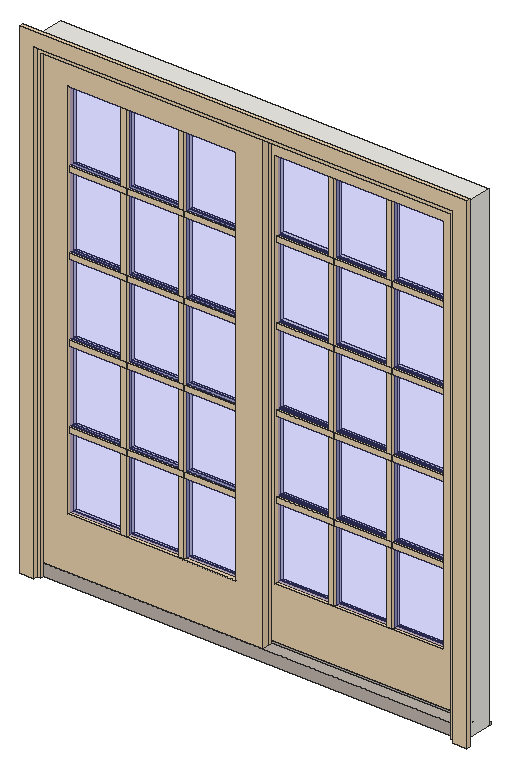
Revit family "Door-Gliding-Andersen-400_Series-Double 2", category Doors, host Wall, Revit 2013
Parameters
  Type Comments = "Vinyl-clad wood Gliding Patio Door"  # constant formula
  Rough Width = Width + (Rough Opening Offset * 2)  # 5' - 11 3/4"
  Rough Opening Offset = 0' - 0 1/4"
  Rough Height = if(1 > 0, Height + 0' 0 1/2", 0' 0")  # 6' - 8 1/2"
  Masonry Width = if(Enter Exterior Trim Number > 0, Width + ((casing4 + Masonry Opening Offset) * 2), Width + (Masonry Opening Offset * 2))  # 5' - 11 3/4"
  Masonry Opening Offset = 0' - 0 1/4"
  Masonry Height = if(Enter Exterior Trim Number > 0, Height + (casing4 + 0' 0 1/2"), Height + 0' 0 1/2")  # 6' - 8 1/2"
  Learn About These Parameters = "http://www.andersenwindows.com/for-professionals/cad-symbols-bim-support-window-doors/bim-support"
  Interior Material = Wood - Andersen - Pine
  Interior Grille Bar Visibility = yes
  Grille Bar Sizes = "3/4'', 7/8'', 1 1/8'', 2 1/4''"  # constant formula
  Exterior Grille Bar Visibility = yes
  Between Glass Grille Bar Sizes = "3/4'', 1''"  # constant formula
  Interior Trim Visibility = yes
  Grille Bar Size = 0' - 0 7/8"
  Enter Pattern Number = 1
  ..Pattern Number 1 = "Colonial"  # constant formula
  . . Lights Wide = 3
  . . Lights High = 5
  ..Pattern Number 2 = "Modified Colonial"  # constant formula
  ..Pattern Number 3 = "Prairie"  # constant formula
  ..Pattern Number 4 = "Short Fractional"  # constant formula
  ..Pattern Number 5 = "Tall Fractional"  # constant formula
  Extension Jamb Visibility = yes
  Enter Exterior Trim Number = 0
  ..Exterior Trim Number 0 = "No Exterior Trim"  # constant formula
  ..Exterior Trim  Number 1 = "Brick Mould"  # constant formula
  ..Exterior Trim Number 2 = "3 1/2'' Flat Casing"  # constant formula
  ..Exterior Trim  Number 3 = "4 1/2'' Flat Casing"  # constant formula
  Between Glass Grille Bar Visibility = yes
  xjamb Visibility [instance] = and(Extension Jamb Visibility, Wall Depth > 0' 4 9/16")  # no
  xjamb S1 [instance] = if(Wall Depth < 0' 4 5/8", 0' 0 1/16", 0' 0")  # 0' - 0 1/16"
  casingS2 = if(Enter Exterior Trim Number = 1, 0' 0 3/16", 0' 0 3/16")  # 0' - 0 3/16"
  casingS1 = if(Enter Exterior Trim Number = 1, 0' 0 7/16", 0' 0 3/16")  # 0' - 0 3/16"
  casing4 = if(Enter Exterior Trim Number = 1, 0' 1 3/4", if(Enter Exterior Trim Number = 2, 0' 3 1/4", 0' 4 1/4"))  # 0' - 4 1/4"
  casing3 = 0' - 0 1/2"  # constant formula
  casing2 = 0' - 0 7/8"  # constant formula
  casing1 = 0' - 0 1/4"  # constant formula
  Wall Thickness [instance] = 0' - 8"
  Wall Depth [instance] = 0' - 4 9/16"
  Void Offset 1 [instance] = if(Enter Exterior Trim Number > 0, casing4, 0' 0")  # 0' - 0"
  Void Depth [instance] = if(Wall Thickness > Wall Depth, 0' 1" + Wall Thickness - Wall Depth, 0' 1")  # 0' - 4 7/16"
  VGB DLO = if(Enter Pattern Number = 3, 0' 4", (H DLO - (Grille Bar Size * (V Bars))) / if(LWide > 2, LWide, 3))  # 0' - 8.77604"
  V Bars = if(Enter Pattern Number = 3, 2, if(LWide > 2, LWide - 1, 2))  # 2
  URL = "www.andersenwindows.com"
  TS V DLO = Height - HGO - SGO  # 5' - 3 7/8"
  TS V Bar Length = if(or(Enter Pattern Number = 5, Enter Pattern Number = 2), ((((Height - HGO - SGO - (Grille Bar Size * (Fractional Lights High - 1))) / Fractional Lights High)) * TFL) + (TFB * Grille Bar Size), if(Enter Pattern Number = 4, ((Height - HGO - SGO - (Grille Bar Size * (Fractional Lights High - 1))) / Fractional Lights High), Height - HGO - SGO))  # 5' - 3 7/8"
  TS SH DLO = if(or(Enter Pattern Number = 5, Enter Pattern Number = 2), ((((Height - HGO - SGO - (Grille Bar Size * (Fractional Lights High - 1))) / Fractional Lights High)) * TFL) + (TFB * Grille Bar Size) + HGO + (Grille Bar Size / 2), if(Enter Pattern Number = 4, TS V Bar Length + HGO + (Grille Bar Size / 2), (TS V DLO / 2) + HGO))  # 3' - 1 1/2"
  TS S V = or(and(LWide = 2, Enter Pattern Number = 1), and(Fractional Lights Wide = 2, or(or(Enter Pattern Number = 2, Enter Pattern Number = 4), Enter Pattern Number = 5)))  # no
  TS S H Craftsman = and(Enter Pattern Number = 2, or(Fractional Lights High = 4, Fractional Lights High = 5))  # no
  TS S H = or(or(or(and(. . Lights High = 2, Enter Pattern Number = 1), and(Enter Pattern Number = 4, Fractional Lights High > 1)), and(Enter Pattern Number = 5, Fractional Lights High > 1)), and(Enter Pattern Number = 2, Fractional Lights High > 1))  # no
  TS M V = and(Enter Pattern Number > 0, LWide > 2)  # yes
  TS M H = or(or(Enter Pattern Number = 3, and(. . Lights High > 2, Enter Pattern Number = 1)), and(Enter Pattern Number = 2, Fractional Lights High > 5))  # yes
  TS HGB DLO = if(Enter Pattern Number = 1, if(. . Lights High > 2, ((TS V Bar Length - (Grille Bar Size * (. . Lights High - 1))) / . . Lights High), 0' 4"), if(Enter Pattern Number = 3, 0' 4", if(Fractional Lights High > 2, ((TS V Bar Length - (Grille Bar Size * 2)) / 3), 0' 4")))  # 1' - 0.075"
  TS H Bars = if(Enter Pattern Number = 3, 2, if(Enter Pattern Number = 1, if(. . Lights High > 2, . . Lights High - 1, 2), 2))  # 4
  TFL = if(Fractional Lights High > 5, 3, if(or(Fractional Lights High = 4, Fractional Lights High = 5), 2, if(or(Fractional Lights High = 2, Fractional Lights High = 3), 1, 1)))  # 2
  TFB = TFL - 1  # 1
  Sill Interior Offset [instance] = 0' - 0"  # constant formula
  Sill Height [instance] = 0' - 1 25/32"  # constant formula
  Panel Bottom Inset [instance] = 0' - 2 5/32"  # constant formula
  Sill Depth [instance] = 0' - 5 1/2"  # constant formula
  SGO = 0' - 10 9/16"  # constant formula
  Product Documentation Link = "http://www.andersenwindows.com/products/400-series-frenchwood-gliding-patio-door/"
  Panel Width = ((Width / 2) - 0' 1 3/4") + 0' 3"  # 3' - 0 7/8"
  Panel Height [instance] = (CTRL Height - 0' 0 1/2" - Panel Bottom Inset) - 0' 0 15/32"  # 6' - 4 7/8"
  Nail Fin Visibility = Enter Exterior Trim Number = 0  # yes
  Model = "400 Series Gliding"  # constant formula
  Manufacturer = "Andersen Corporation"  # constant formula
  LWide = if(Enter Pattern Number = 3, 3, if(Enter Pattern Number = 1, . . Lights Wide, Fractional Lights Wide))  # 3
  JGO = 0' - 5 5/16"  # constant formula
  Is Gliding = 1 = 1  # yes
  Interior Trim Size = 0' - 2 1/4"
  Horizontal Craftsman Bar Size = 0' - 0 3/4"
  HGO = 0' - 5 9/16"  # constant formula
  H DLO = (Width / 2) - JGO - 0' 1 15/64" - 0' 1"  # 2' - 4 5/64"
  Glazing Material = Glass ‐ Andersen - Low-E4 SmartSun
  Function = Exterior
  Height = 6' - 8"
  Wall Closure = By host
  Width = 5' - 11 1/4"
  Frame Interior Inset [instance] = 0' - 0"  # constant formula
  Frame Depth [instance] = 0' - 5 7/8"  # constant formula
  Fractional Lights Wide = 3
  Fractional Lights High = 5
  Family Version = "06.01.14"  # constant formula
  Exterior Unit Finish = Vinyl - Andersen - White
  Exterior Trim Finish = Fibrex Composite - Andersen - White
  Designation = "FWG"
  Description = "Vinyl-clad wood Gliding Patio Door"  # constant formula
  Coarse Plan [instance] = if(Wall Depth > Wall Thickness, Wall Thickness, Wall Depth)  # 0' - 4 9/16"
  Casing Visibility [instance] = Enter Exterior Trim Number > 0  # no
  CTRL Height [instance] = Height  # 6' - 8"
  Between Glass Grille Bar Finish = Stainless Steel - Andersen - Standard
  BS V DLO = Height - HGO - SGO  # 5' - 3 7/8"
  BS SH DLO = if(Enter Pattern Number = 5, SGO + 0' 4" + (Grille Bar Size / 2), (BS V DLO / 2) + SGO)  # 3' - 6 1/2"
  BS S V = and(LWide = 2, Enter Pattern Number = 1)  # no
  BS S H = no
  BS M V = or(or(and(LWide > 2, Enter Pattern Number = 1), Enter Pattern Number = 3), Enter Pattern Number = 5)  # yes
  BS M H = no
  BS HGB DLO = 0' - 2"
  BS H Bars = 2
Reference planes (in)
  plane 1 "Center (Front/Back)": y = 0
  plane 2 "Center (Left/Right)": x = 0
  plane 3 "R Frame": x = -35.625
  plane 4 "L Frame": x = 35.625
  plane 5 "T Frame": z = 80
  plane 6 "Wall S1": y = 3.71875
  plane 7 "Wall S2": y = -4.28125
  plane 8 "Interior Casing": y = -4.90625
  plane 9 "Frame S2": y = -4.28125
  plane 10 "Flange": y = 0.28125
  plane 11 "Frame S1": y = 1.59375
  plane 12 "Casing S2": y = 1.78125
  plane 13 "Casing S1": y = 1.78125
  plane 14 "Exterior Offset": y = 4.71875
  plane 15 "Coarse Detail Plan": y = 1.5625
  plane 16 "R Rough Opening": x = -35.875
  plane 17 "R Casing 1": x = -35.375
  plane 18 "R Casing 2": x = -39
  plane 19 "R Casing 3": x = -39.375
  plane 20 "R Casing 4": x = -39.875
  plane 21 "R Masonry Opening": x = -35.875
  plane 22 "L Masonry Opening": x = 35.875
  plane 23 "L Casing 4": x = 39.875
  plane 24 "L Casing 3": x = 39.375
  plane 25 "L Casing 2": x = 39
  plane 26 "L Casing 1": x = 35.375
  plane 27 "L Rough Opening": x = 35.875
  plane 28 "T Rough Opening": z = 80.5
  plane 29 "T Casing 1": z = 79.75
  plane 30 "T Casing 2": z = 83.375
  plane 31 "T Casing 3": z = 83.75
  plane 32 "T Casing 4": z = 84.25
  plane 33 "T Masonry Opening": z = 80.5
  plane 34 "R Int Casing": x = -37.125
  plane 35 "R Xjamb 2": x = -35.5
  plane 36 "R Xjamb 1": x = -34.875
  plane 37 "L Int Casing": x = 37.125
  plane 38 "L Xjamb 2": x = 35.5
  plane 39 "L Xjamb 1": x = 34.875
  plane 40 "T Int Casing": z = 81.5
  plane 41 "T Xjamb 2": z = 79.875
  plane 42 "T Xjamb 1": z = 79.25
  plane 43 "L Panel": x = 34.687
  plane 44 "R Panel": x = -34.75
  plane 45 "T Panel": z = 78.84375
  plane 46 "B Panel": z = 1.96875
  plane 47 "B Glazing": z = 10.5625
  plane 48 "T Glazing": z = 74.4375
  plane 49 "L Glazing": x = 30.3125
  plane 50 "R Glazing": x = -30.3125
  plane 51 "Panel1 S1": y = -1.80616
  plane 52 "Panel1 S2": y = -3.52491
  plane 53 "Xjamb S1": y = -4.21875
  plane 54 "Frame S2 Ext": y = 1.59375
  plane 55 "Stop Exterior": y = -1.7389
  plane 56 "Stop Interior": y = -2.12494
  plane 57 "Sill Interior": y = -4.28125
  plane 58 "Sill Exterior": y = 1.21875
  plane 59 "L Stop": x = 33.90575
  plane 60 "R Stop": x = -34.25
  plane 61 "T Stop": z = 78.19848
  plane 62 "Sill Height": z = 1.78125
  plane 63 "Panel2 S1": y = 0.5785
  plane 64 "Panel2 S2": y = -1.14025
  plane 65 "R Panel Width": x = 2.125
  plane 66 "L Panel Width": x = -2.188
  plane 67 "R Panel Jamb": x = -2.3125
  plane 68 "L Panel Jamb": x = 2.2495
  plane 69 "Panel 1 Glazing 1": y = -2.96241
  plane 70 "Panel 1 Glazing 2": y = -2.21241
  plane 71 "Panel 2 Glazing 2": y = -0.57775
  plane 72 "Panel 2 Glazing 1": y = 0.17225
  plane 73 "Panel Elevation Center": z = 40.40625
  plane 74 "Vertical Bar Length": z = 10.5625
  plane 75 "Slade Arrow": x = -23.53125
Forms (in)
  Extrusion 1, void
    sketch origin (0, 0, 0) x (1, 0, 0) y (0, 0, 1)
      loop
        line (35.625, 80) -> (-35.625, 80) -> (-35.625, 0) -> (35.625, 0) -> (35.625, 80)
    from -0.28125 to 4.28125
  Extrusion 2, void
    sketch origin (0, 0, 0) x (1, 0, 0) y (0, 0, 1)
      loop
        line (35.625, 80) -> (-35.625, 80) -> (-35.625, 0) -> (35.625, 0) -> (35.625, 80)
    from -15.71875 to -0.28125
  Sweep 3, solid, material "Fibrex Composite - Andersen - White" <- "Exterior Trim Finish", visible <- "Casing Visibility", detail levels medium+fine
    path origin (0, 0.28125, 0) x (-1, 0, 0) y (0, 0, 1)
      loop
        line (-39.875, 0) -> (-39.875, 84.25) -> (39.875, 84.25) -> (39.875, 0)
    profile origin (39.875, 0.28125, 42.125) x (1, 0, 0) y (0, 1, 0)
      loop
        line (-0.875, 1.5) -> (-4.5, 1.5) -> (-4.5, 0) -> (0, 0) -> (0, 1.5) -> (-0.5, 1.5) -> (-0.875, 1.5)
  Extrusion 4, solid, material "Fibrex Composite - Andersen - White" <- "Exterior Trim Finish", visible <- "Casing Visibility", detail levels coarse
    sketch origin (0, 0.28125, 0) x (-1, 0, 0) y (0, 0, 1)
      loop
        line (-35.375, 79.75) -> (35.375, 79.75) -> (35.375, 0) -> (39.875, 0) -> (39.875, 84.25) -> (-39.875, 84.25) -> (-39.875, 0) -> (-35.375, 0) -> (-35.375, 79.75)
    from 0 to 1.4375
  Extrusion 5, solid, material "Wood - Andersen - Pine" <- "Interior Material", visible <- "Interior Trim Visibility", detail levels fine
    sketch origin (0, 0, 0) x (1, 0, 0) y (0, 0, 1)
      loop
        line (-34.875, 79.25) -> (34.875, 79.25) -> (34.875, 0) -> (37.125, 0) -> (37.125, 81.5) -> (-37.125, 81.5) -> (-37.125, 0) -> (-34.875, 0) -> (-34.875, 79.25)
    from 4.28125 to 4.90625
  Extrusion 6, solid, material "Wood - Andersen - Pine" <- "Interior Material", visible <- "xjamb Visibility", detail levels medium+fine
    sketch origin (0, 0, 0) x (1, 0, 0) y (0, 0, 1)
      loop
        line (-35.5, 0) -> (-34.875, 0) -> (-34.875, 79.25) -> (34.875, 79.25) -> (34.875, 0) -> (35.5, 0) -> (35.5, 79.875) -> (-35.5, 79.875) -> (-35.5, 0)
    from 4.21875 to 4.28125
  Sweep 7, solid, material "Vinyl - Andersen - White" <- "Exterior Unit Finish", detail levels medium+fine
    path origin (0, 0.28125, 0) x (-1, 0, 0) y (0, 0, 1)
      loop
        line (-35.625, 80) -> (35.625, 80)
    profile origin (0, 0.28125, 80) x (0, 0, 1) y (0, 1, 0)
      loop
        line (0, 1.374) -> (-1, 1.374) -> (-1, -1.5015) -> (-1.75, -1.5015) -> (-1.75, -1.8925) -> (-1, -1.8925) -> (-1, -3.8103) -> (-1.807, -3.8103) -> (-1.807, -4.5) -> (0, -4.5) -> (0, 1.374)
  Sweep 8, solid, material "Vinyl - Andersen - White" <- "Exterior Unit Finish", detail levels coarse
    path origin (-0.30351, 0.28125, 0) x (-1, 0, 0) y (0, 0, 1)
      loop
        line (-35.92851, 0) -> (-35.92851, 80) -> (35.32149, 80) -> (35.32149, 0)
    profile origin (35.625, 0.28125, 40) x (1, 0, 0) y (0, 1, 0)
      loop
        line (-0.938, -4.5625) -> (0, -4.5625) -> (0, 0.9375) -> (-0.938, 0.9375) -> (-0.938, -4.5625)
  Sweep 9, solid, material "Aluminum - Andersen - Painted - Sandtone", detail levels medium+fine
    path origin (0, 0.28125, 0) x (-1, 0, 0) y (0, 0, 1)
      loop
        line (-35.625, 0) -> (35.625, 0)
    profile origin (0, 0.28125, 0) x (0, 0, 1) y (0, 1, 0)
      loop
        line (0, -3.81874) -> (1.97899, -3.81874) -> (1.97899, -2.03774) -> (1.13799, -2.03774) -> (1.13799, -2.40274) -> (0.50217, -2.40274) -> (0.46791, -1.4215) -> (1.95727, -1.4215) -> (1.95727, 0.3525) -> (0.40596, 0.3525) -> (0.3616, 1.69029) -> (0, 1.69029) -> (0, -3.81874)
  Sweep 10, solid, material "Aluminum - Andersen - Painted - Sandtone", detail levels coarse
    path origin (0, 0.28125, 0) x (-1, 0, 0) y (0, 0, 1)
      loop
        line (-34.687, 1.96875) -> (34.687, 1.96875)
    profile origin (0, 0.28125, 1.96875) x (0, 0, 1) y (0, 1, 0)
      loop
        line (0, 0.9375) -> (-1.96875, 0.9375) -> (-1.96875, -4.5625) -> (0, -4.5625) -> (0, 0.9375)
  Sweep 11, solid, material "Wood - Andersen - Pine" <- "Interior Material"
    path origin (0, -3.52491, 0) x (-1, 0, 0) y (0, 0, 1)
      loop
        line (2.188, 1.96875) -> (2.188, 78.84375) -> (-34.687, 78.84375) -> (-34.687, 1.96875)
    profile origin (16.2495, -3.52491, 78.84375) x (0, 0, -1) y (0, 1, 0)
      loop
        line (0, 2.38466) -> (4.40625, 2.38466) -> (4.40625, 3.69716) -> (0, 3.69716) -> (0, 2.38466)
  Sweep 12, solid, material "Wood - Andersen - Pine" <- "Interior Material"
    path origin (0, -1.80616, 0) x (-1, 0, 0) y (0, 0, 1)
      loop
        line (-2.125, 1.96875) -> (-2.125, 78.84375) -> (34.75, 78.84375) -> (34.75, 1.96875)
    profile origin (-16.3125, -1.80616, 78.84375) x (0, 0, 1) y (0, 1, 0)
      loop
        line (0, -0.40625) -> (-4.40625, -0.40625) -> (-4.40625, -1.71875) -> (0, -1.71875) -> (0, -0.40625)
  Sweep 13, solid, material "Glass ‐ Andersen - Low-E4 SmartSun" <- "Glazing Material"
    path origin (0, 1.21875, 0) x (-1, 0, 0) y (0, 0, 1)
      loop
        line (0, 10.5625) -> (0, 74.4375)
    profile origin (0, 1.21875, 42.5) x (1, 0, 0) y (0, 1, 0)
      loop
        line (-30.34375, -3.43116) -> (-30.34375, -4.18116) -> (-2.28125, -4.18116) -> (-2.28125, -3.43116) -> (-30.34375, -3.43116)
      loop
        line (2.21825, -1.7965) -> (30.3125, -1.7965) -> (30.3125, -1.0465) -> (2.21825, -1.0465) -> (2.21825, -1.7965)
  Sweep 14, solid, material "Vinyl - Andersen - White" <- "Exterior Unit Finish"
    path origin (0, 1.21875, 0) x (-1, 0, 0) y (0, 0, 1)
      loop
        line (34.75, 1.96875) -> (34.75, 78.84375) -> (-2.125, 78.84375) -> (-2.125, 1.96875)
    profile origin (-16.3125, 1.21875, 78.84375) x (0, 0, -1) y (0, 1, 0)
      loop
        line (0, -3.02491) -> (0, -3.43116) -> (4.40625, -3.43116) -> (4.40625, -3.02491) -> (0, -3.02491)
  Sweep 15, solid, material "Vinyl - Andersen - White" <- "Exterior Unit Finish"
    path origin (0, 1.21875, 0) x (-1, 0, 0) y (0, 0, 1)
      loop
        line (2.188, 1.96875) -> (2.188, 78.84375) -> (-34.687, 78.84375) -> (-34.687, 1.96875)
    profile origin (16.2495, 1.21875, 78.84375) x (0, 0, -1) y (0, 1, 0)
      loop
        line (0, -0.64025) -> (0, -1.0465) -> (4.40625, -1.0465) -> (4.40625, -0.64025) -> (0, -0.64025)
  Sweep 16, solid, material "Vinyl - Andersen - White" <- "Exterior Unit Finish", detail levels medium+fine
    path origin (0, 0.17225, 0) x (-1, 0, 0) y (0, 0, 1)
      loop
        line (35.625, 0) -> (35.625, 80)
    profile origin (-35.625, 0.17225, 40) x (1, 0, 0) y (0, 1, 0)
      loop
        line (0, 1.484) -> (0, -4.391) -> (1.375, -4.391) -> (1.375, -3.98624) -> (0.75, -3.96424) -> (0.75, -1.65276) -> (1.375, -1.63076) -> (1.375, 0.41579) -> (0.75, 0.53488) -> (0.75, 1.484) -> (0, 1.484)
  Sweep 17, solid, material "Vinyl - Andersen - White" <- "Exterior Unit Finish", detail levels medium+fine
    path origin (0, 0.17225, 0) x (-1, 0, 0) y (0, 0, 1)
      loop
        line (-35.625, 0) -> (-35.625, 80)
    profile origin (35.625, 0.17225, 40) x (1, 0, 0) y (0, 1, 0)
      loop
        line (-1.719, -4.391) -> (0, -4.391) -> (0, 1.484) -> (-1.375, 1.484) -> (-1.375, 0.48524) -> (-0.938, 0.46997) -> (-0.938, -1.47956) -> (-1.375, -1.53745) -> (-1.375, -1.25) -> (-1.719, -1.25) -> (-1.719, -4.391)
  Sweep 18, solid, material "Wood - Andersen - Pine" <- "Interior Material"
    path origin (0, 0.17225, 0) x (-1, 0, 0) y (0, 0, 1)
      loop
        line (-2.21825, 1.96875) -> (-30.3125, 1.96875)
    profile origin (16.26537, 0.17225, 1.96875) x (0, 0, -1) y (0, 1, 0)
      loop
        line (-8.59375, 0) -> (-8.59375, -1.3125) -> (0, -1.3125) -> (0, 0) -> (-8.59375, 0)
  Sweep 19, solid, material "Wood - Andersen - Pine" <- "Interior Material"
    path origin (0, 0.17225, 0) x (-1, 0, 0) y (0, 0, 1)
      loop
        line (30.34375, 1.96875) -> (2.28125, 1.96875)
    profile origin (-16.3125, 0.17225, 1.96875) x (0, 0, -1) y (0, 1, 0)
      loop
        line (-8.59375, -2.38466) -> (-8.59375, -3.69716) -> (0, -3.69716) -> (0, -2.38466) -> (-8.59375, -2.38466)
  Sweep 20, solid, material "Vinyl - Andersen - White" <- "Exterior Unit Finish"
    path origin (0, 0.17225, 0) x (-1, 0, 0) y (0, 0, 1)
      loop
        line (-2.21825, 1.96875) -> (-30.3125, 1.96875)
    profile origin (16.26537, 0.17225, 1.96875) x (0, 0, -1) y (0, 1, 0)
      loop
        line (-8.59375, 0.40625) -> (-8.59375, 0) -> (0, 0) -> (0, 0.40625) -> (-8.59375, 0.40625)
  Sweep 21, solid, material "Vinyl - Andersen - White" <- "Exterior Unit Finish"
    path origin (0, 0.17225, 0) x (-1, 0, 0) y (0, 0, 1)
      loop
        line (30.34375, 1.96875) -> (2.28125, 1.96875)
    profile origin (-16.3125, 0.17225, 1.96875) x (0, 0, -1) y (0, 1, 0)
      loop
        line (-8.59375, -1.97841) -> (-8.59375, -2.38466) -> (0, -2.38466) -> (0, -1.97841) -> (-8.59375, -1.97841)
  Sweep 22, void
    path origin (0, 0.17225, 0) x (-1, 0, 0) y (0, 0, 1)
      loop
        line (0, 0) -> (0, 1.96875)
    profile origin (0, 0.17225, 0.98438) x (1, 0, 0) y (0, 1, 0)
      loop
        line (35.625, 1.484) -> (34.25, 1.484) -> (34.25, 0.48524) -> (34.687, 0.46997) -> (34.687, -1.47956) -> (34.25, -1.53745) -> (34.25, -1.25) -> (33.906, -1.25) -> (33.906, -4.65266) -> (35.625, -4.34955) -> (35.625, 1.484)
      loop
        line (-35.625, 1.4215) -> (-35.625, -4.4535) -> (-34.25, -4.4535) -> (-34.25, -3.98624) -> (-34.875, -3.96424) -> (-34.875, -1.65276) -> (-34.25, -1.63076) -> (-34.25, 0.41579) -> (-34.875, 0.53488) -> (-34.875, 1.4215) -> (-35.625, 1.4215)
Cuts and joins
  joined: Sweep 15, Sweep 20
  joined: Sweep 14, Sweep 21
  joined: Sweep 12, Sweep 19
  joined: Sweep 11, Sweep 18
  joined: Sweep 7, Sweep 16, Sweep 17
  Sweep 22 cuts Sweep 9
Lines and regions (in)
  Masking region 1, visible <- "Casing Visibility"
    outline origin (0, 0, 0) x (0, 1, 0) y (0, 0, 1)
      loop
        line (0.28125, 80) -> (1.59375, 80) -> (1.59375, 0) -> (1.78125, 0) -> (1.78125, 84.25) -> (0.28125, 84.25) -> (0.28125, 80)
  Masking region 2
    outline origin (0, 0, 0) x (1, 0, 0) y (0, 1, 0)
      loop
        line (-35.625, 1.59375) -> (-35.625, -4.28125) -> (35.625, -4.28125) -> (35.625, 1.59375) -> (-35.625, 1.59375)
  Masking region 3
    outline origin (0, 0, 0) x (0, 1, 0) y (0, 0, 1)
      loop
        line (1.59375, 80) -> (-4.28125, 80) -> (-4.28125, 0) -> (1.59375, 0) -> (1.59375, 80)
  Masking region 4, visible <- "Casing Visibility", detail levels fine
    outline origin (0, 0, 0) x (1, 0, 0) y (0, 1, 0)
      loop
        line (-39.375, 1.78125) -> (-39.875, 1.78125) -> (-39.875, 0.28125) -> (-35.625, 0.28125) -> (-35.625, 1.59375) -> (-35.375, 1.59375) -> (-35.375, 1.78125) -> (-39, 1.78125) -> (-39.375, 1.78125)
  Masking region 5, visible <- "Casing Visibility", detail levels fine
    outline origin (0, 0, 0) x (1, 0, 0) y (0, 1, 0)
      loop
        line (39.375, 1.78125) -> (39, 1.78125) -> (35.375, 1.78125) -> (35.375, 1.59375) -> (35.625, 1.59375) -> (35.625, 0.28125) -> (39.875, 0.28125) -> (39.875, 1.78125) -> (39.375, 1.78125)
  Masking region 6, visible <- "Casing Visibility", detail levels coarse+medium
    outline origin (0, 0, 0) x (1, 0, 0) y (0, 1, 0)
      loop
        line (-39.875, 1.78125) -> (-39.875, 0.28125) -> (-35.625, 0.28125) -> (-35.625, 1.78125) -> (-39.875, 1.78125)
  Masking region 7, visible <- "Casing Visibility", detail levels coarse+medium
    outline origin (0, 0, 0) x (1, 0, 0) y (0, 1, 0)
      loop
        line (35.625, 1.78125) -> (35.625, 0.28125) -> (39.875, 0.28125) -> (39.875, 1.78125) -> (35.625, 1.78125)
  Masking region 8, visible <- "Casing Visibility"
    outline origin (0, 1.21875, 0) x (-1, 0, 0) y (0, 0, 1)
      loop
        line (-39.875, 84.25) -> (-39.875, 0) -> (-35.625, 0) -> (-35.625, 80) -> (35.625, 80) -> (35.625, 0) -> (39.875, 0) -> (39.875, 84.25) -> (-39.875, 84.25)
  Masking region 9, visible <- "Interior Trim Visibility", detail levels fine
    outline origin (0, -4.90625, 0) x (-1, 0, 0) y (0, 0, 1)
      loop
        line (-37.125, 81.5) -> (-37.125, 0) -> (-34.875, 0) -> (-34.875, 79.25) -> (34.875, 79.25) -> (34.875, 0) -> (37.125, 0) -> (37.125, 81.5) -> (-37.125, 81.5)
  Masking region 10
    outline origin (0, -4.28125, 0) x (-1, 0, 0) y (0, 0, 1)
      loop
        line (-35.625, 80) -> (-35.625, 0) -> (35.625, 0) -> (35.625, 80) -> (-35.625, 80)
      loop
        line (-33.90575, 78.19848) -> (-33.90575, 1.78125) -> (34.25, 1.78125) -> (34.25, 78.19848) -> (-33.90575, 78.19848)
  Masking region 11
    outline origin (0, 1.21875, 0) x (-1, 0, 0) y (0, 0, 1)
      loop
        line (35.625, 80) -> (-35.625, 80) -> (-35.625, 0) -> (35.625, 0) -> (35.625, 80)
      loop
        line (34.25, 78.19848) -> (-33.90575, 78.19848) -> (-33.90575, 1.96875) -> (34.25, 1.96875) -> (34.25, 78.19848)
  Masking region 12
    outline origin (0, -1.80616, 0) x (-1, 0, 0) y (0, 0, 1)
      loop
        line (34.75, 78.84375) -> (-2.125, 78.84375) -> (-2.125, 1.96875) -> (34.75, 1.96875) -> (34.75, 78.84375)
  Masking region 13
    outline origin (0, -1.14025, 0) x (-1, 0, 0) y (0, 0, 1)
      loop
        line (2.188, 78.84375) -> (-34.687, 78.84375) -> (-34.687, 1.96875) -> (2.188, 1.96875) -> (2.188, 78.84375)
  Masking region 14, visible <- "Interior Trim Visibility", detail levels fine
    outline origin (0, 0, 0) x (1, 0, 0) y (0, 1, 0)
      loop
        line (-37.125, -4.28125) -> (-37.125, -4.90625) -> (-34.875, -4.90625) -> (-34.875, -4.28125) -> (-37.125, -4.28125)
  Masking region 15, visible <- "xjamb Visibility", detail levels medium+fine
    outline origin (0, 0, 0) x (1, 0, 0) y (0, 1, 0)
      loop
        line (-35.5, -4.21875) -> (-35.5, -4.28125) -> (-34.875, -4.28125) -> (-34.875, -4.21875) -> (-35.5, -4.21875)
  Masking region 16, visible <- "Interior Trim Visibility", detail levels fine
    outline origin (0, 0, 0) x (1, 0, 0) y (0, 1, 0)
      loop
        line (34.875, -4.28125) -> (34.875, -4.90625) -> (37.125, -4.90625) -> (37.125, -4.28125) -> (34.875, -4.28125)
  Masking region 17, visible <- "xjamb Visibility", detail levels medium+fine
    outline origin (0, 0, 0) x (1, 0, 0) y (0, 1, 0)
      loop
        line (34.875, -4.21875) -> (34.875, -4.28125) -> (35.5, -4.28125) -> (35.5, -4.21875) -> (34.875, -4.21875)
  Masking region 18, visible <- "Interior Trim Visibility", detail levels fine
    outline origin (0, 0, 0) x (0, 1, 0) y (0, 0, 1)
      loop
        line (-4.28125, 81.5) -> (-4.90625, 81.5) -> (-4.90625, 0) -> (-4.28125, 0) -> (-4.28125, 81.5)
  Masking region 19, visible <- "xjamb Visibility", detail levels medium+fine
    outline origin (0, 0, 0) x (0, 1, 0) y (0, 0, 1)
      loop
        line (-4.21875, 79.875) -> (-4.28125, 79.875) -> (-4.28125, 0) -> (-4.21875, 0) -> (-4.21875, 79.875)
  Split face 1
    outline origin (-35.625, -4.21875, 0) x (0, 0, 1) y (0, 1, 0)
      loop
        line (80, 3.141) -> (0, 3.141)
  Split face 2
    outline origin (-35.625, 0.17225, 80) x (0, 1, 0) y (-1, 0, 0)
      loop
        line (-1.25, 0) -> (-1.25, -71.25)
  Split face 3
    outline origin (35.625, 0.28125, 80) x (0, 0, -1) y (0, 1, 0)
      loop
        line (0, -1.359) -> (80, -1.359)
  Split face 4
    outline origin (34.687, -4.28125, 0) x (0, 0, 1) y (0, 1, 0)
      loop
        line (0, 3.141) -> (79.062, 3.141)
  Split face 5
    outline origin (-34.687, -4.28125, 79.062) x (0, 0, -1) y (0, 1, 0)
      loop
        line (79.062, 0.75634) -> (0, 0.75634)
  Split face 6
    outline origin (34.687, -4.28125, 79.062) x (0, 1, 0) y (-1, 0, 0)
      loop
        line (0.75634, 69.374) -> (0.75634, 34.687) -> (3.141, 34.687) -> (3.141, 0)
  Split face 7
    outline origin (35.625, 1.21875, 0) x (0, 0, 1) y (0, -1, 0)
      loop
        line (0, 2.359) -> (80, 2.359)
  Split face 8
    outline origin (35.625, 1.21875, 80) x (-1, 0, 0) y (0, -1, 0)
      loop
        line (0, 2.359) -> (71.25, 2.359)
  Split face 9
    outline origin (-35.625, 1.21875, 80) x (0, 0, -1) y (0, -1, 0)
      loop
        line (0, 2.359) -> (80, 2.359)
  symbolic lines, style "DoorsFrameMullionProjection", visible <- "Casing Visibility", detail levels medium+fine
    curve 1: line (0, 1.78125, 83.75) -> (0, 1.78125, 83.375)
    curve 2: line (0, 1.78125, 83.375) -> (0, 1.78125, 79.75)
    curve 3: line (0, 1.78125, 79.75) -> (0, 1.59375, 79.75)
  symbolic lines, style "DoorsFrameMullionProjection", detail levels coarse
    curve 4: line (0, 1.59375, 80) -> (0, 1.78125, 80)
    curve 5: line (34.687, 1.59375, 2.1562) -> (34.687, -4.28125, 2.1562)
    curve 6: line (0, 1.59375, 79.25) -> (0, -4.21875, 79.25)
    curve 7: line (0, 1.21875, 0) -> (0, 1.21875, 1.96875)
    curve 8: line (0, 1.21875, 1.96875) -> (0, -4.28125, 1.96875)
    curve 9: line (0, -4.28125, 1.96875) -> (0, -4.28125, 0)
    curve 10: line (0, -4.21875, 79.25) -> (0, 1.59375, 79.25)
    curve 79: line (-34.75, 1.59375, 2.1562) -> (-34.75, -4.28125, 2.1562)
  symbolic lines, style "DoorsFrameMullionProjection", detail levels medium+fine
    curve 11: line (-35.25, -4.28125, 1.96875) -> (-35.625, -4.28125, 1.96875)
    curve 25: line (-34.25, -4.28125, 1.38489) -> (-35.625, -4.28125, 1.38489)
    curve 26: line (-35.625, -4.28125, 1.38489) -> (-35.625, 1.59375, 1.38489)
    curve 27: line (0, 1.59375, 80) -> (0, 1.59375, 79)
    curve 28: line (0, 1.59375, 79) -> (0, -1.28275, 79)
    curve 29: line (0, -1.28275, 79) -> (0, -1.28275, 78.19848)
    curve 30: line (0, -1.28275, 78.19848) -> (0, -1.67375, 78.19848)
    curve 31: line (0, -1.67375, 78.19848) -> (0, -1.67375, 79)
    curve 32: line (0, -1.67375, 79) -> (0, -3.59155, 79)
    curve 33: line (0, -3.59155, 79) -> (0, -3.59155, 78.193)
    curve 34: line (0, -3.59155, 78.193) -> (0, -4.28125, 78.193)
    curve 35: line (0, -4.28125, 78.193) -> (0, -4.28125, 80)
    curve 36: line (0, -4.28125, 80) -> (0, 1.59375, 80)
    curve 47: line (0, 2.97154, 0) -> (0, 2.97154, 0.35924)
    curve 48: line (0, 2.97154, 0.35924) -> (0, 1.63375, 0.40596)
    curve 49: line (0, 1.63375, 0.40596) -> (0, 1.63375, 1.95727)
    curve 50: line (0, 1.63375, 1.95727) -> (0, -0.14025, 1.95727)
    curve 51: line (0, -0.14025, 1.95727) -> (0, -0.14025, 0.46791)
    curve 52: line (0, -0.75649, 1.13799) -> (0, -1.12149, 1.13799)
    curve 53: line (0, -1.12149, 1.13799) -> (0, -1.12149, 0.50217)
    curve 54: line (0, -1.12149, 0.50217) -> (0, -0.14025, 0.46791)
    curve 55: line (0, -0.75649, 1.13799) -> (0, -0.75649, 1.97899)
    curve 56: line (0, -0.75649, 1.97899) -> (0, -2.53749, 1.97899)
    curve 57: line (0, -2.53749, 1.97899) -> (0, -2.53749, 0)
    curve 58: line (0, -2.53749, 0) -> (0, 2.97154, 0)
    curve 118: line (33.906, -4.28125, 1.38489) -> (35.625, -4.28125, 1.38489)
    curve 119: line (35.625, -4.28125, 1.38489) -> (35.625, 1.59375, 1.38489)
    curve 120: line (34.687, 0.65749, 1.38489) -> (34.687, -1.30731, 1.38489)
    curve 121: line (34.25, -1.07775, 1.38489) -> (33.906, -1.07775, 1.38489)
    curve 122: line (33.906, -1.07775, 1.38489) -> (33.906, -4.28125, 1.38489)
    curve 128: line (34.687, 0.65749, 0) -> (34.25, 0.65749, 0)
    curve 129: line (34.25, 0.65749, 0) -> (34.25, 1.59375, 0)
    curve 130: line (34.25, 1.59375, 0) -> (35.625, 1.59375, 0)
    curve 131: line (34.25, -1.07775, 0) -> (34.25, -1.3652, 0)
    curve 132: line (34.25, -1.3652, 0) -> (34.687, -1.30731, 0)
    curve 138: line (-34.875, 1.59375, 0) -> (-35.625, 1.59375, 0)
    curve 142: line (-34.25, -3.81399, 0) -> (-34.25, -4.28125, 0)
    curve 143: line (-34.875, 0.70713, 0) -> (-34.875, 1.59375, 0)
    curve 144: line (-34.25, 0.58804, 0) -> (-34.875, 0.70713, 0)
    curve 145: line (-34.25, -1.45851, 0) -> (-34.25, 0.58804, 0)
    curve 146: line (-34.875, -1.48051, 0) -> (-34.25, -1.45851, 0)
    curve 147: line (-34.875, -3.79199, 0) -> (-34.875, -1.48051, 0)
    curve 148: line (-34.25, -3.81399, 0) -> (-34.875, -3.79199, 0)
    curve 156: line (0, 1.63375, 0.40596) -> (0, -0.14025, 0.46791)
    curve 157: line (0, -1.12149, 1.13799) -> (0, -1.12149, 1.97899)
    curve 208: line (-2.188, -1.14025, 0) -> (-2.188, -1.80616, 0)
    curve 209: line (-1.188, -1.14025, 0) -> (-1.188, -1.80616, 0)
  symbolic lines, style "DoorsFrameMullionProjection"
    curve 12: line (33.90575, 1.21875, 1.96875) -> (33.90575, 1.21875, 0)
    curve 13: line (-34.25, 1.21875, 1.96875) -> (-34.25, 1.21875, 0)
    curve 14: line (-34.875, -4.28125, 79.25) -> (-34.875, -4.28125, 0)
    curve 15: line (34.875, -4.28125, 79.25) -> (34.875, -4.28125, 0)
    curve 16: line (-34.875, -4.28125, 79.25) -> (34.875, -4.28125, 79.25)
    curve 71: line (-30.3125, -1.80616, 74.4375) -> (-2.3125, -1.80616, 74.4375)
    curve 72: line (-30.3125, -1.80616, 10.5625) -> (-30.3125, -1.80616, 74.4375)
    curve 73: line (-2.3125, -1.80616, 10.5625) -> (-30.3125, -1.80616, 10.5625)
    curve 74: line (-2.3125, -1.80616, 74.4375) -> (-2.3125, -1.80616, 10.5625)
    curve 75: line (2.2495, -1.14025, 74.4375) -> (30.3125, -1.14025, 74.4375)
    curve 76: line (2.2495, -1.14025, 10.5625) -> (2.2495, -1.14025, 74.4375)
    curve 77: line (30.3125, -1.14025, 10.5625) -> (2.2495, -1.14025, 10.5625)
    curve 78: line (30.3125, -1.14025, 74.4375) -> (30.3125, -1.14025, 10.5625)
    curve 80: line (-34.75, -1.80616, 1.96875) -> (2.125, -1.80616, 1.96875)
    curve 81: line (-34.75, -3.52491, 1.96875) -> (-34.75, -1.80616, 1.96875)
    curve 82: line (2.125, -3.52491, 1.96875) -> (-34.75, -3.52491, 1.96875)
    curve 83: line (2.125, -1.80616, 1.96875) -> (2.125, -3.52491, 1.96875)
    curve 84: line (-2.188, 0.5785, 1.96875) -> (34.687, 0.5785, 1.96875)
    curve 85: line (-2.188, -1.14025, 1.96875) -> (-2.188, 0.5785, 1.96875)
    curve 86: line (34.687, -1.14025, 1.96875) -> (-2.188, -1.14025, 1.96875)
    curve 87: line (34.687, 0.5785, 1.96875) -> (34.687, -1.14025, 1.96875)
    curve 96: line (0, 0.5785, 78.84375) -> (0, -1.14025, 78.84375)
    curve 97: line (0, 0.5785, 1.96875) -> (0, 0.5785, 78.84375)
    curve 98: line (0, -1.14025, 1.96875) -> (0, 0.5785, 1.96875)
    curve 99: line (0, -1.14025, 78.84375) -> (0, -1.14025, 1.96875)
    curve 100: line (0, -1.80616, 78.84375) -> (0, -3.52491, 78.84375)
    curve 101: line (0, -1.80616, 1.96875) -> (0, -1.80616, 78.84375)
    curve 102: line (0, -3.52491, 1.96875) -> (0, -1.80616, 1.96875)
    curve 103: line (0, -3.52491, 78.84375) -> (0, -3.52491, 1.96875)
    curve 108: line (0, 0.17225, 74.4375) -> (0, 0.17225, 75.32661)
    curve 109: line (0, 0.17225, 75.32661) -> (0, -1.109, 75.32661)
    curve 110: line (0, -0.57775, 74.4375) -> (0, -0.57775, 75.32661)
    curve 160: line (0, -1.109, 75.32661) -> (0, -1.109, 74.70161)
    curve 162: line (0, -1.109, 74.70161) -> (0, -0.57775, 74.4375)
    curve 164: line (0, 0.5785, 74.5) -> (0, 0.17225, 74.4375)
    curve 218: line (0, -2.21241, 74.4375) -> (0, -2.21241, 75.32661)
    curve 219: line (0, -2.21241, 75.32661) -> (0, -3.49366, 75.32661)
    curve 220: line (0, -2.96241, 74.4375) -> (0, -2.96241, 75.32661)
    curve 221: line (0, -3.49366, 75.32661) -> (0, -3.49366, 74.70161)
    curve 222: line (0, -3.49366, 74.70161) -> (0, -2.96241, 74.4375)
    curve 224: line (0, -1.80616, 74.5) -> (0, -2.21241, 74.4375)
    curve 225: line (0, 0.17225, 10.5625) -> (0, 0.17225, 9.67339)
    curve 226: line (0, 0.17225, 9.67339) -> (0, -1.109, 9.67339)
    curve 227: line (0, -0.57775, 10.5625) -> (0, -0.57775, 9.67339)
    curve 228: line (0, -1.109, 9.67339) -> (0, -1.109, 10.29839)
    curve 229: line (0, -1.109, 10.29839) -> (0, -0.57775, 10.5625)
    curve 231: line (0, 0.5785, 10.5) -> (0, 0.17225, 10.5625)
    curve 232: line (0, -2.21241, 10.5625) -> (0, -2.21241, 9.67339)
    curve 233: line (0, -2.21241, 9.67339) -> (0, -3.49366, 9.67339)
    curve 234: line (0, -2.96241, 10.5625) -> (0, -2.96241, 9.67339)
    curve 235: line (0, -3.49366, 9.67339) -> (0, -3.49366, 10.29839)
    curve 236: line (0, -3.49366, 10.29839) -> (0, -2.96241, 10.5625)
    curve 238: line (0, -1.80616, 10.5) -> (0, -2.21241, 10.5625)
    curve 240: line (35.625, 1.59375, 0) -> (35.625, -4.28125, 0)
    curve 242: line (-35.625, 1.59375, 0) -> (-35.625, -4.28125, 0)
    curve 244: line (0, 1.59375, 80) -> (0, -4.28125, 80)
  symbolic lines, style "DoorsFrameMullionProjection", visible <- "Nail Fin Visibility", detail levels medium+fine
    curve 17: line (35.625, 0.28125, 1.96875) -> (37.25, 0.28125, 1.96875)
    curve 18: line (-35.625, 0.28125, 1.96875) -> (-37.25, 0.28125, 1.96875)
    curve 19: line (0, 0.28125, 81.625) -> (0, 0.28125, 80)
  symbolic lines, style "DoorsFrameMullionProjection", not visible, detail levels medium+fine
    curve 20: line (32.031, -3.34375, 1.38489) -> (33.75, -3.34375, 1.38489)
    curve 21: line (33.75, -3.34375, 1.38489) -> (33.75, 2.53125, 1.38489)
    curve 22: line (32.812, 1.59499, 1.38489) -> (32.812, -0.36981, 1.38489)
    curve 23: line (32.375, -0.14025, 1.38489) -> (32.031, -0.14025, 1.38489)
    curve 24: line (32.031, -0.14025, 1.38489) -> (32.031, -3.34375, 1.38489)
    curve 37: line (0, 2.59375, 80) -> (0, 2.59375, 79)
    curve 38: line (0, 2.59375, 79) -> (0, -0.28275, 79)
    curve 39: line (0, -0.28275, 79) -> (0, -0.28275, 78.19848)
    curve 40: line (0, -0.28275, 78.19848) -> (0, -0.67375, 78.19848)
    curve 41: line (0, -0.67375, 78.19848) -> (0, -0.67375, 79)
    curve 42: line (0, -0.67375, 79) -> (0, -2.59155, 79)
    curve 43: line (0, -2.59155, 79) -> (0, -2.59155, 78.193)
    curve 44: line (0, -2.59155, 78.193) -> (0, -3.28125, 78.193)
    curve 45: line (0, -3.28125, 78.193) -> (0, -3.28125, 80)
    curve 46: line (0, -3.28125, 80) -> (0, 2.59375, 80)
    curve 59: line (0, 2.97154, 0) -> (0, 2.97154, 0.35924)
    curve 60: line (0, 2.97154, 0.35924) -> (0, 1.63375, 0.40596)
    curve 61: line (0, 1.63375, 0.40596) -> (0, 1.63375, 1.95727)
    curve 62: line (0, 1.63375, 1.95727) -> (0, -0.14025, 1.95727)
    curve 63: line (0, -0.14025, 1.95727) -> (0, -0.14025, 0.46791)
    curve 64: line (0, -0.75649, 1.13799) -> (0, -1.12149, 1.13799)
    curve 65: line (0, -1.12149, 1.13799) -> (0, -1.12149, 0.50217)
    curve 66: line (0, -1.12149, 0.50217) -> (0, -0.14025, 0.46791)
    curve 67: line (0, -0.75649, 1.13799) -> (0, -0.75649, 1.97899)
    curve 68: line (0, -0.75649, 1.97899) -> (0, -2.53749, 1.97899)
    curve 69: line (0, -2.53749, 1.97899) -> (0, -2.53749, 0)
    curve 70: line (0, -2.53749, 0) -> (0, 2.97154, 0)
    curve 111: line (0, 11.56506, 71.07) -> (0, 11.56506, 71.95911)
    curve 112: line (0, 11.56506, 71.95911) -> (0, 10.25256, 71.95911)
    curve 113: line (0, 10.81506, 71.07) -> (0, 10.81506, 71.95911)
    curve 133: line (32.812, 1.59499, 0) -> (32.375, 1.59499, 0)
    curve 134: line (32.375, 1.59499, 0) -> (32.375, 2.53125, 0)
    curve 135: line (32.375, 2.53125, 0) -> (33.75, 2.53125, 0)
    curve 136: line (32.375, -0.14025, 0) -> (32.375, -0.4277, 0)
    curve 137: line (32.375, -0.4277, 0) -> (32.812, -0.36981, 0)
    curve 139: line (32.375, -3.34375, 1.38489) -> (33.75, -3.34375, 1.38489)
    curve 140: line (33.75, -3.34375, 1.38489) -> (33.75, 2.53125, 1.38489)
    curve 141: line (33, 2.53125, 0) -> (33.75, 2.53125, 0)
    curve 149: line (32.375, -2.87649, 0) -> (32.375, -3.34375, 0)
    curve 150: line (33, 1.64463, 0) -> (33, 2.53125, 0)
    curve 151: line (32.375, 1.52554, 0) -> (33, 1.64463, 0)
    curve 152: line (32.375, -0.52101, 0) -> (32.375, 1.52554, 0)
    curve 153: line (33, -0.54301, 0) -> (32.375, -0.52101, 0)
    curve 154: line (33, -2.85449, 0) -> (33, -0.54301, 0)
    curve 155: line (32.375, -2.87649, 0) -> (33, -2.85449, 0)
    curve 158: line (0, 1.63375, 0.40596) -> (0, -0.14025, 0.46791)
    curve 159: line (0, -1.12149, 1.13799) -> (0, -1.12149, 1.97899)
    curve 161: line (0, 10.28381, 71.95911) -> (0, 10.28381, 71.33411)
    curve 165: line (0, 10.28381, 71.33411) -> (0, 10.81506, 71.07)
    curve 167: line (0, 11.97131, 71.1325) -> (0, 11.56506, 71.07)
  symbolic lines, style "DoorsGlassProjection", detail levels medium+fine
    curve 88: line (-2.3125, -2.96241, 1.96875) -> (-30.3125, -2.96241, 1.96875)
    curve 89: line (-30.3125, -2.21241, 1.96875) -> (-2.3125, -2.21241, 1.96875)
    curve 90: line (30.3125, -0.57775, 1.96875) -> (2.2495, -0.57775, 1.96875)
    curve 91: line (2.2495, 0.17225, 1.96875) -> (30.3125, 0.17225, 1.96875)
  symbolic lines, style "DoorsGlassProjection", detail levels fine
    curve 92: line (-1.42339, -2.83741, 1.96875) -> (-31.20161, -2.83741, 1.96875)
    curve 93: line (-31.20161, -2.33741, 1.96875) -> (-1.42339, -2.33741, 1.96875)
    curve 94: line (31.20161, -0.45275, 1.96875) -> (1.36039, -0.45275, 1.96875)
    curve 95: line (1.36039, 0.04725, 1.96875) -> (31.20161, 0.04725, 1.96875)
    curve 114: line (0, 0.04725, 9.67339) -> (0, 0.04725, 75.32661)
    curve 115: line (0, -0.45275, 75.32661) -> (0, -0.45275, 9.67339)
    curve 116: line (0, -2.33741, 9.67339) -> (0, -2.33741, 75.32661)
    curve 117: line (0, -2.83741, 75.32661) -> (0, -2.83741, 9.67339)
    curve 163: line (0, 0.04725, 74.92036) -> (0, -0.45275, 74.92036)
    curve 175: line (30.79536, -0.45275, 0) -> (30.79536, 0.04725, 0)
    curve 191: line (1.76664, -0.45275, 0) -> (1.76664, 0.04725, 0)
    curve 199: line (-1.82964, -2.83741, 0) -> (-1.82964, -2.33741, 0)
    curve 207: line (-30.79536, -2.83741, 0) -> (-30.79536, -2.33741, 0)
    curve 223: line (0, -2.33741, 74.92036) -> (0, -2.83741, 74.92036)
    curve 230: line (0, 0.04725, 10.07964) -> (0, -0.45275, 10.07964)
    curve 237: line (0, -2.33741, 10.07964) -> (0, -2.83741, 10.07964)
  symbolic lines, style "DoorsGlassProjection"
    curve 104: line (0, 0.17225, 10.5625) -> (0, 0.17225, 74.4375)
    curve 105: line (0, -0.57775, 74.4375) -> (0, -0.57775, 10.5625)
    curve 106: line (0, -2.21241, 10.5625) -> (0, -2.21241, 74.4375)
    curve 107: line (0, -2.96241, 74.4375) -> (0, -2.96241, 10.5625)
  symbolic lines, style "DoorsFrameMullionProjection", visible <- "Interior Trim Visibility", detail levels fine
    curve 123: line (0, -4.28125, 79.25) -> (0, -4.90625, 79.25)
  symbolic lines, style "DoorsFrameMullionProjection", visible <- "xjamb Visibility", detail levels medium+fine
    curve 124: line (0, -4.21875, 79.25) -> (0, -4.28125, 79.25)
  symbolic lines, style "Doors", visible <- "Is Gliding"
    curve 125: line (-30.48779, -1.80616, 40.40625) -> (-23.53125, -1.80616, 40.40625)
    curve 126: line (-23.53125, -1.80616, 40.40625) -> (-26.22864, -1.80616, 38.29579)
    curve 127: line (-23.53125, -1.80616, 40.40625) -> (-26.22864, -1.80616, 42.51671)
  symbolic lines, style "DoorsGlassProjection", not visible, detail levels fine
    curve 166: line (0, 11.44006, 71.55286) -> (0, 10.94006, 71.55286)
    curve 183: line (22.91701, -0.0409, 0) -> (22.91701, 0.4591, 0)
    curve 216: line (0, 1.04725, 74.92036) -> (0, 0.54725, 74.92036)
  symbolic lines, style "DoorsFrameMullionProjection", detail levels fine
    curve 168: line (30.375, 0.5785, 0) -> (30.3125, 0.17225, 0)
    curve 169: line (30.3125, 0.17225, 0) -> (31.20161, 0.17225, 0)
    curve 170: line (31.20161, 0.17225, 0) -> (31.20161, -1.109, 0)
    curve 171: line (31.20161, -1.109, 0) -> (30.57661, -1.109, 0)
    curve 172: line (30.57661, -1.109, 0) -> (30.3125, -0.57775, 0)
    curve 173: line (30.3125, -0.57775, 0) -> (31.20161, -0.57775, 0)
    curve 184: line (2.187, 0.5785, 0) -> (2.2495, 0.17225, 0)
    curve 185: line (2.2495, 0.17225, 0) -> (1.36039, 0.17225, 0)
    curve 186: line (1.36039, 0.17225, 0) -> (1.36039, -1.109, 0)
    curve 187: line (1.36039, -1.109, 0) -> (1.98539, -1.109, 0)
    curve 188: line (1.98539, -1.109, 0) -> (2.2495, -0.57775, 0)
    curve 189: line (2.2495, -0.57775, 0) -> (1.36039, -0.57775, 0)
    curve 192: line (-2.25, -1.80616, 0) -> (-2.3125, -2.21241, 0)
    curve 193: line (-2.3125, -2.21241, 0) -> (-1.42339, -2.21241, 0)
    curve 194: line (-1.42339, -2.21241, 0) -> (-1.42339, -3.49366, 0)
    curve 195: line (-1.42339, -3.49366, 0) -> (-2.04839, -3.49366, 0)
    curve 196: line (-2.04839, -3.49366, 0) -> (-2.3125, -2.96241, 0)
    curve 197: line (-2.3125, -2.96241, 0) -> (-1.42339, -2.96241, 0)
    curve 200: line (-30.375, -1.80616, 0) -> (-30.3125, -2.21241, 0)
    curve 201: line (-30.3125, -2.21241, 0) -> (-31.20161, -2.21241, 0)
    curve 202: line (-31.20161, -2.21241, 0) -> (-31.20161, -3.49366, 0)
    curve 203: line (-31.20161, -3.49366, 0) -> (-30.57661, -3.49366, 0)
    curve 204: line (-30.57661, -3.49366, 0) -> (-30.3125, -2.96241, 0)
    curve 205: line (-30.3125, -2.96241, 0) -> (-31.20161, -2.96241, 0)
  symbolic lines, style "DoorsFrameMullionProjection", detail levels medium
    curve 174: line (30.3125, -1.14025, 0) -> (30.3125, 0.5785, 0)
    curve 190: line (2.2495, -1.14025, 0) -> (2.2495, 0.5785, 0)
    curve 198: line (-2.3125, -3.52491, 0) -> (-2.3125, -1.80616, 0)
    curve 206: line (-30.3125, -3.52491, 0) -> (-30.3125, -1.80616, 0)
  symbolic lines, style "DoorsFrameMullionProjection", not visible, detail levels fine
    curve 176: line (22.49665, 0.99035, 0) -> (22.43415, 0.5841, 0)
    curve 177: line (22.43415, 0.5841, 0) -> (23.32326, 0.5841, 0)
    curve 178: line (23.32326, 0.5841, 0) -> (23.32326, -0.69715, 0)
    curve 179: line (23.32326, -0.69715, 0) -> (22.69826, -0.69715, 0)
    curve 180: line (22.69826, -0.69715, 0) -> (22.43415, -0.1659, 0)
    curve 181: line (22.43415, -0.1659, 0) -> (23.32326, -0.1659, 0)
  symbolic lines, style "DoorsFrameMullionProjection", not visible, detail levels medium
    curve 182: line (22.43415, -0.7284, 0) -> (22.43415, 0.99035, 0)
  symbolic lines, style "DoorsFrameMullionProjection", not visible, detail levels coarse+medium
    curve 210: line (0, 11.97131, 71.07) -> (0, 10.25256, 71.07)
  symbolic lines, style "DoorsFrameMullionProjection", not visible
    curve 211: line (0, 1.17225, 74.4375) -> (0, 1.17225, 75.32661)
    curve 212: line (0, 1.17225, 75.32661) -> (0, -0.109, 75.32661)
    curve 213: line (0, 0.42225, 74.4375) -> (0, 0.42225, 75.32661)
    curve 214: line (0, -0.109, 75.32661) -> (0, -0.109, 74.70161)
    curve 215: line (0, -0.109, 74.70161) -> (0, 0.42225, 74.4375)
    curve 217: line (0, 1.5785, 74.5) -> (0, 1.17225, 74.4375)
  symbolic lines, style "DoorsFrameMullionProjection", visible <- "Casing Visibility"
    curve 239: line (39.875, 1.78125, 0) -> (39.875, 0.28125, 0)
    curve 241: line (-39.875, 1.78125, 0) -> (-39.875, 0.28125, 0)
    curve 243: line (0, 1.78125, 84.25) -> (0, 0.28125, 84.25)
Text (in)
  text "Exterior" at (-74.96733, 27.31104, 0), in view "Ref. Level"
  text "Interior" at (-74.96733, -25.14366, 0), in view "Ref. Level"
  text "Exterior" at (0, 40.15149, 123.01588), in view "Right"
  text "Interior" at (0, -64.39139, 123.01588), in view "Right"
  text "Interior" at (0, -31.01599, 123.00693), in view "Left"
  text "Exterior" at (0, 54.57065, 123.00693), in view "Left"
Dimensions and locks (in)
  equal spacing: plane 3 "R Frame", plane 2 "Center (Left/Right)", plane 4 "L Frame"
  "CTRL Height": level to plane 5 "T Frame"
  "Width": plane 3 "R Frame" to plane 4 "L Frame"
  host wall to plane 5 "T Frame" = 6' - 8"
  "casingS2": plane 12 "Casing S2" to plane 11 "Frame S1"
  locked: plane 8 "Interior Casing" to host wall at 0.625
  locked: plane 14 "Exterior Offset" to host wall at 1
  "Void Offset 1": plane 4 "L Frame" to Extrusion 2 sketch curve
  "Void Offset 1": plane 5 "T Frame" to Extrusion 2 sketch curve
  "Void Offset 1": Extrusion 2 sketch curve to plane 3 "R Frame"
  "casing1": plane 26 "L Casing 1" to plane 4 "L Frame"
  "Rough Opening Offset": plane 4 "L Frame" to plane 27 "L Rough Opening"
  "casing4": plane 4 "L Frame" to plane 23 "L Casing 4"
  "casing2": plane 25 "L Casing 2" to plane 23 "L Casing 4"
  "casing3": plane 24 "L Casing 3" to plane 23 "L Casing 4"
  "casing1": plane 3 "R Frame" to plane 17 "R Casing 1"
  "Rough Opening Offset": plane 16 "R Rough Opening" to plane 3 "R Frame"
  "casing4": plane 20 "R Casing 4" to plane 3 "R Frame"
  "casing2": plane 20 "R Casing 4" to plane 18 "R Casing 2"
  "casing3": plane 20 "R Casing 4" to plane 19 "R Casing 3"
  "casing1": plane 29 "T Casing 1" to plane 5 "T Frame"
  "casing4": plane 5 "T Frame" to plane 32 "T Casing 4"
  "casing2": plane 30 "T Casing 2" to plane 32 "T Casing 4"
  "casing3": plane 31 "T Casing 3" to plane 32 "T Casing 4"
  locked: plane 3 "R Frame" to plane 35 "R Xjamb 2" at 0.125
  locked: plane 3 "R Frame" to plane 36 "R Xjamb 1" at 0.75
  "Interior Trim Size": plane 34 "R Int Casing" to plane 36 "R Xjamb 1"
  locked: plane 38 "L Xjamb 2" to plane 4 "L Frame" at 0.125
  locked: plane 39 "L Xjamb 1" to plane 4 "L Frame" at 0.75
  "Interior Trim Size": plane 39 "L Xjamb 1" to plane 37 "L Int Casing"
  locked: plane 41 "T Xjamb 2" to plane 5 "T Frame" at 0.125
  locked: plane 42 "T Xjamb 1" to plane 5 "T Frame" at 0.75
  locked: plane 42 "T Xjamb 1" to plane 40 "T Int Casing" at 2.25
  plane 45 "T Panel" to plane 5 "T Frame" = 0' - 1 5/32"
  locked: plane 3 "R Frame" to plane 44 "R Panel" at 0.875
  locked: plane 43 "L Panel" to plane 4 "L Frame" at 0.938
  locked: plane 51 "Panel1 S1" to plane 52 "Panel1 S2" at 1.71875
  "xjamb S1": plane 53 "Xjamb S1" to plane 9 "Frame S2"
  locked: Extrusion 2 to host wall at 12
  "Void Depth": plane 14 "Exterior Offset" to Extrusion 2
  "Wall Thickness": host wall to host wall
  "Wall Depth": host wall to plane 10 "Flange"
  "casingS1": plane 13 "Casing S1" to plane 11 "Frame S1"
  "Frame Depth": plane 54 "Frame S2 Ext" to plane 9 "Frame S2"
  locked: plane 54 "Frame S2 Ext" to plane 55 "Stop Exterior" at 3.33265
  "Panel Height": plane 46 "B Panel" to plane 45 "T Panel"
  "Sill Interior Offset": plane 9 "Frame S2" to plane 57 "Sill Interior"
  locked: plane 54 "Frame S2 Ext" to plane 11 "Frame S1" at 0
  "Sill Depth": plane 58 "Sill Exterior" to plane 57 "Sill Interior"
  plane 61 "T Stop" to plane 42 "T Xjamb 1" = 0' - 1.05152"
  "Sill Height": level to plane 62 "Sill Height"
  plane 52 "Panel1 S2" to plane 9 "Frame S2" = 0' - 0.75634"
  locked: plane 63 "Panel2 S1" to plane 64 "Panel2 S2" at 1.71875
  locked: plane 54 "Frame S2 Ext" to plane 63 "Panel2 S1" at 1.01525
  locked: plane 55 "Stop Exterior" to plane 56 "Stop Interior" at 0.38604
  "Panel Width": plane 44 "R Panel" to plane 65 "R Panel Width"
  locked: plane 4 "L Frame" to curve 17 at 1.625
  locked: curve 18 to plane 3 "R Frame" at 1.625
  locked: plane 5 "T Frame" to curve 19 at 1.625
  "Panel Width": plane 66 "L Panel Width" to plane 43 "L Panel"
  locked: plane 67 "R Panel Jamb" to plane 65 "R Panel Width" at 4.4375
  locked: plane 66 "L Panel Width" to plane 68 "L Panel Jamb" at 4.4375
  locked: plane 51 "Panel1 S1" to plane 70 "Panel 1 Glazing 2" at 0.40625
  locked: plane 69 "Panel 1 Glazing 1" to plane 52 "Panel1 S2" at 0.5625
  locked: plane 63 "Panel2 S1" to plane 72 "Panel 2 Glazing 1" at 0.40625
  locked: plane 71 "Panel 2 Glazing 2" to plane 64 "Panel2 S2" at 0.5625
  locked: curve 93 to plane 70 "Panel 1 Glazing 2" at 0.125
  locked: curve 92 to plane 69 "Panel 1 Glazing 1" at 0.125
  locked: curve 94 to plane 71 "Panel 2 Glazing 2" at 0.125
  locked: plane 72 "Panel 2 Glazing 1" to curve 95 at 0.125
  locked: plane 72 "Panel 2 Glazing 1" to curve 114 at 0.125
  locked: curve 115 to plane 71 "Panel 2 Glazing 2" at 0.125
  locked: plane 70 "Panel 1 Glazing 2" to curve 116 at 0.125
  locked: curve 117 to plane 69 "Panel 1 Glazing 1" at 0.125
  equal spacing: plane 45 "T Panel", plane 73 "Panel Elevation Center", plane 46 "B Panel"
  nested 2 to plane 49 "L Glazing" = 0' - 8.77604"
  "JGO": plane 3 "R Frame" to plane 50 "R Glazing"
  "JGO": plane 49 "L Glazing" to plane 4 "L Frame"
  "HGO": plane 48 "T Glazing" to plane 5 "T Frame"
  "SGO": plane 47 "B Glazing" to level
  equal spacing: plane 68 "L Panel Jamb", nested 3, plane 49 "L Glazing"
  "TS HGB DLO": plane 74 "Vertical Bar Length" to nested 4
  "TS V Bar Length": plane 74 "Vertical Bar Length" to plane 48 "T Glazing"
  "TS SH DLO": nested 5 to plane 5 "T Frame"
  equal spacing: plane 74 "Vertical Bar Length", nested 1, plane 48 "T Glazing"
  locked: plane 59 "L Stop" to plane 43 "L Panel" at 0.78125
  equal spacing: plane 50 "R Glazing", nested 10, plane 67 "R Panel Jamb"
  group 11 to group 10 = 0' - 9.57292"
  group 10 to group 11 = 0' - 0"
  group 11 to group 10 = 0' - 0"
  "VGB DLO": nested 9 to plane 67 "R Panel Jamb"
  "VGB DLO": plane 50 "R Glazing" to nested 11
  equal spacing: group 12, group 26, group 27, group 13  (x2)
  equal spacing: group 13, group 27, group 26, group 12
  "TS HGB DLO": nested 8 to plane 48 "T Glazing"
  "TS HGB DLO": plane 74 "Vertical Bar Length" to nested 12
  "TS SH DLO": nested 7 to plane 5 "T Frame"
  equal spacing: plane 74 "Vertical Bar Length", nested 6, plane 48 "T Glazing"
  curve 127 to curve 126 = 0' - 4.22092"
  locked: plane 44 "R Panel" to plane 75 "Slade Arrow" at 11.21875
  locked: plane 75 "Slade Arrow" to curve 125 at 6.95654
  locked: plane 75 "Slade Arrow" to curve 126 at 2.69739
  locked: plane 75 "Slade Arrow" to curve 127 at 2.69739
  locked: plane 73 "Panel Elevation Center" to curve 126 at 2.11046
  locked: curve 127 to plane 73 "Panel Elevation Center" at 2.11046
  Sweep 16 sketch curve to Sweep 16 sketch curve to Sweep 16 sketch curve to Sweep 16 sketch curve to Sweep 16 sketch curve to Sweep 16 sketch curve to Sweep 16 sketch curve to plane 53 "Xjamb S1" = 0' - 0.94912" locked, 0' - 0.11909" locked, 0' - 2.04654" locked, 0' - 0.022" locked, 0' - 2.31149" locked, 0' - 0.022" locked, 0' - 0.40476" locked
  plane 3 "R Frame" to Sweep 16 sketch curve to Sweep 16 sketch curve = 0' - 0 3/4" locked, 0' - 0 5/8" locked  (x2)
  Sweep 17 sketch curve to Sweep 17 sketch curve to Sweep 17 sketch curve to Sweep 17 sketch curve to Sweep 17 sketch curve to Sweep 17 sketch curve to plane 53 "Xjamb S1" = 0' - 0.99876" locked, 0' - 0.01526" locked, 0' - 1.71997" locked, 0' - 0.22956" locked, 0' - 0.05789" locked, 0' - 2.85355" locked
  locked: Sweep 7 sketch curve to plane 53 "Xjamb S1" at 5.874
  Sweep 7 sketch curve to Sweep 7 sketch curve to Sweep 7 sketch curve to plane 53 "Xjamb S1" = 0' - 0.391" locked, 0' - 1.9178" locked, 0' - 0.6897" locked
  Sweep 7 sketch curve to Sweep 7 sketch curve to plane 5 "T Frame" = 0' - 0.807" locked, 0' - 1" locked
  Sweep 7 sketch curve to Sweep 7 sketch curve to plane 5 "T Frame" = 0' - 0 3/4" locked, 0' - 1" locked
  locked: plane 10 "Flange" to plane 9 "Frame S2" at 4.5625
  Sweep 9 sketch curve to Sweep 9 sketch curve to Sweep 9 sketch curve to Sweep 9 sketch curve to Sweep 9 sketch curve to Sweep 9 sketch curve to plane 9 "Frame S2" = 0' - 1.33779" locked, 0' - 1.774" locked, 0' - 0.61624" locked, 0' - 0.365" locked, 0' - 1.416" locked, 0' - 0.74376" locked
  Sweep 9 sketch curve to Sweep 9 sketch curve to Sweep 9 sketch curve to Sweep 9 sketch curve to Sweep 9 sketch curve to Sweep 9 sketch curve to level = 0' - 0.81928" locked, 0' - 0.63582" locked, 0' - 0.03427" locked, 0' - 0.06195" locked, 0' - 0.04435" locked, 0' - 0.3616" locked
  locked: Sweep 9 sketch curve to level at 1.97899
  locked: plane 3 "R Frame" to plane 60 "R Stop" at 1.375
  "VGB DLO": nested 2 to plane 49 "L Glazing"
  plane 44 "R Panel" to plane 50 "R Glazing" = 0' - 4 7/16"
  equal spacing: group 19, group 28, group 29, group 20  (x3)
  "TS HGB DLO": nested 13 to plane 48 "T Glazing"
  locked: plane 66 "L Panel Width" to curve 209 at 1
  equal spacing: plane 21 "R Masonry Opening", plane 2 "Center (Left/Right)", plane 22 "L Masonry Opening"
  "Masonry Width": plane 21 "R Masonry Opening" to plane 22 "L Masonry Opening"
  "Rough Height": level to plane 28 "T Rough Opening"
  "Masonry Height": level to plane 33 "T Masonry Opening"
  group 31 to group 30 = 0' - 9.63592"
  group 30 to group 31 = 0' - 0"
  group 31 to group 30 = 0' - 0"
  "VGB DLO": nested 18 to plane 68 "L Panel Jamb"
  aligned and locked: plane 6 "Wall S1" to host wall
  aligned and locked: plane 7 "Wall S2" to host wall
